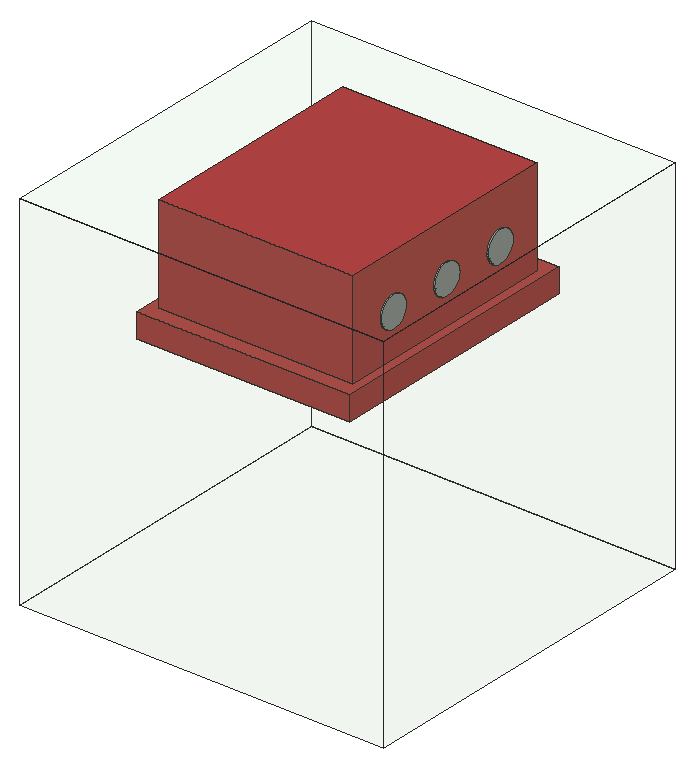
Revit family "ZETA_Коробка_Клемная_ККМА-10_IP54", category Электрические приборы, Revit 2021
Family settings
  Сохранять ориентацию аннотаций = Нет
  Размер круглого соединителя = Использовать диаметр
  Тип детали = Нормальный
  На основе рабочей плоскости = Да
  Всегда вертикально = Нет
  При загрузке вырезать с полостями = Нет
  Общий = Нет
  Точка принадлежности помещению = Да
Parameters (values of type "ККМА-10_IP54")
  УГО_Ширина = 10 mm
  УГО_Смещение_Х [instance] = 0 mm
  УГО_Смещение_Y [instance] = 0 mm
  УГО_Высота = 5 mm
  Температура эксплуатации = "от -40°С до +60°С"
  Сечение жил до = "4мм2"
  Сертификат = "RU C-RU.АД84.В.00192/20"
  Потолочное размещение [instance] = yes
  Default Elevation = 1219.2 mm
  Описание = "Коробки клеммные ККМА с наборными зажимами предназначены для\r\nсоединения и разветвления вторичных и силовых электрических цепей,\r\nвыполняемых контрольными кабелями с числом жил до 52 и силовыми кабелями с\r\nалюминиевыми или медными жилами сечением 1,5—4 мм2, проложенные в\r\nметаллических жестких трубах в трубных системах прокладки кабелей."
  Номинальный ток = "до 25A"
  Напряжение постоянного тока = "440 В"
  Напряжение переменного тока = "660 В"
  Крышка_Ширина = 160 mm
  Крышка_Длина = 190 mm
  Климатическое исполнение = "У2"
  Изготовитель = "АО «ЗЭТА»"  # constant formula
  Изготавливается по = "ТУ 27.33.13.120-047-99856433-2020"
  URL = "https://nzeta.ru/"
  D2 = 32 mm
  D1 = 25 mm
  В_УГО_Смещение_У [instance] = УГО_Смещение_Y + 2000 mm  # 2000 mm
  В_УГО_Смещение_X [instance] = УГО_Смещение_Х + 2000 mm  # 2000 mm
  ADSK_Ток = 0 A
  ADSK_Степень защиты_IP = "IP54"
  ADSK_Размер_Ширина = 175 mm
  ADSK_Размер_УголПоворота [instance] = if(Потолочное размещение, -90.00°, 180.00°)  # -90.00°
  ADSK_Размер_Длина = 215 mm
  ADSK_Размер_Высота = 100 mm
  ADSK_Примечание [instance] = ""
  ADSK_Полная мощность = 0 VA
  ADSK_Позиция [instance] = ""
  ADSK_Обозначение = "KK"
  ADSK_Номинальная мощность = 0 W
  ADSK_Номер стояка = ""
  ADSK_Номер линии = 0
  ADSK_Напряжение = 230 V
  ADSK_Наименование краткое = "ККМА-10"
  ADSK_Наименование = "Коробка клеммная ККМА-10 У2 IP54 ГОФРОМАТИК"
  ADSK_Материал наименование = "Сталь оцинкованная"
  ADSK_Масса_Текст = "1,95"
  ADSK_Масса = 1.95
  ADSK_Марка = "KK ККМА-10 У2 IP54"
  ADSK_Коэффициент мощности = 1
  ADSK_Количество фаз числовое = 1
  ADSK_Количество фаз = 1
  ADSK_Количество = 1
  ADSK_Код изделия = "zeta30372"
  ADSK_Классификация нагрузок = Прочее
  ADSK_Завод-изготовитель = "АО «ЗЭТА»"  # constant formula
  ADSK_Единица измерения = "шт"  # constant formula
  ADSK_Версия семейства = "v.1"  # constant formula
  ADSK_Версия Revit = "2021"
  ADSK_URL страницы изделия = "https://nzeta.ru/catalog/?q=zeta30372"
  ADSK_URL документации изделия = "https://nzeta.ru/upload/uf/079/ikchmqfq9gparj6qku1dhwpc7mintuhj/passport.pdf"
Reference planes
  plane 1 "По центру (Вперед/Назад)": y = 0
  plane 2: z = 0
  plane 3 "По центру (Влево/Вправо)": x = 0
  plane 4: x = -2000
  plane 5: y = -2000
  plane 6: x = 0
  plane 7: y = 0
Lines and regions (mm)
  reference lines
    curve 1: line (0, 0, 0) -> (0, -180, 0)
    curve 2: line (0, 0, 0) -> (0, 0, -140)
Dimensions and locks
  "В_УГО_Смещение_X": plane 4 to plane 6
  "В_УГО_Смещение_У": plane 7 to plane 5
  angle curve 2 to curve 1 = 90.00°
  "ADSK_Размер_УголПоворота": angle plane 1 "По центру (Вперед/Назад)" to curve 1
  aligned and locked: level to plane 2
  aligned and locked: plane 6 to nested 1
  aligned and locked: nested 1 to plane 7
  aligned and locked: plane 2 to curve 2
  aligned and locked: plane 1 "По центру (Вперед/Назад)" to curve 1
  aligned and locked: nested 2 to curve 2
Nested families
  nested 1: "УГО_Клеменная_Коробка_(GenAnn)" at (0, 0, 0), УГО_Высота <- "УГО_Высота", УГО_Длина <- "УГО_Ширина", ADSK_Обозначение <- "ADSK_Обозначение", ADSK_Степень защиты_IP <- "ADSK_Степень защиты_IP", type "УГО_Клеменная_Коробка_(GenAnn)", detail levels coarse+medium
    with УГО_Длина 10 mm, УГО_Высота 5 mm, ADSK_Степень защиты_IP "IP54", ADSK_Обозначение "KK"
  nested 2: "ZETA_Коробка_Клемная_КММА-10_IP54_Геометрия" at (0, 0, 0) x (0, -1, 0) z (0, 0, -1), type "КММА-10", detail levels medium+fine
  nested 3: "Zeta_Зона обслуживания" at (0, 0, 0) x (-1, 0, 0) z (0, -1, 0), type "Зона обслуживания_Куб", detail levels medium+fine
    with Зона обслуживания_Ширина 300 mm, Зона обслуживания_Длина 300 mm, Зона обслуживания_Высота 300 mm
Connectors
  cabletrayconduit at (-81.999, 50, -43.588), diameter 25, driven by "D1"
    settings: on nested 2, index 2, connector width 300 mm, connector height 300 mm, connector angle 0.00°, system type 32, placement type 0, profile type 0, connector reference index -1, is primary connector yes, connector utility param no, connector description ""
  cabletrayconduit at (-81.999, -50, -43.588), diameter 32, driven by "D2"
    settings: on nested 2, index 4, connector width 300 mm, connector height 300 mm, connector angle 0.00°, system type 32, placement type 0, profile type 0, connector reference index -1, is primary connector no, connector utility param no, connector description ""
  electrical at (0, 0, 0), driven by "ADSK_Количество фаз", driven by "ADSK_Классификация нагрузок", driven by "ADSK_Напряжение", driven by "ADSK_Полная мощность", driven by "ADSK_Коэффициент мощности"
    settings: on nested 2, index 5, voltage 230 V, apparent load 0 VA, apparent load phase1 0 VA, apparent load phase2 0 VA, apparent load phase3 0 VA, power factor 1, load classification "Прочее", number of poles 1, system type 30, power factor state 1, is connector primary yes, connector utility no, sub classification motor no, connector description ""
  cabletrayconduit at (81.928, 43.588, 0), diameter 25, driven by "D1"
    settings: on nested 2, index 6, connector width 300 mm, connector height 300 mm, connector angle 0.00°, system type 32, placement type 0, profile type 0, connector reference index -1, is primary connector no, connector utility param no, connector description ""
  cabletrayconduit at (81.928, -55, -43.588), diameter 25, driven by "D1"
    settings: on nested 2, index 7, connector width 300 mm, connector height 300 mm, connector angle 0.00°, system type 32, placement type 0, profile type 0, connector reference index -1, is primary connector no, connector utility param no, connector description ""
  cabletrayconduit at (81.928, 55, -43.588), diameter 25, driven by "D1"
    settings: on nested 2, index 8, connector width 300 mm, connector height 300 mm, connector angle 0.00°, system type 32, placement type 0, profile type 0, connector reference index -1, is primary connector no, connector utility param no, connector description ""
Definition of nested family "ZETA_Коробка_Клемная_КММА-10_IP54_Геометрия"
  Parameters (values of type "КММА-10")
    Привязки_Штуцер = 100 mm
    Default Elevation = 1219.2 mm
    Основание_Ширина = ADSK_Размер_Ширина * 0.9142  # 159.985 mm
    Основание_Длина = ADSK_Размер_Длина * 0.8835  # 189.953 mm
    Manufacturer = ""
    D2 = 32 mm
    D1 = 25 mm
    ADSK_Размер_Ширина = 175 mm
    ADSK_Размер_Длина = 215 mm
    ADSK_Размер_Высота = 100 mm
  Reference planes
    plane 1 "По центру (Вперед/Назад)": y = 0
    plane 2: z = 0
    plane 3 "По центру (Влево/Вправо)": x = 0
    plane 4: x = -94.976
    plane 5: x = 94.976
    plane 6: y = -79.992
    plane 7: y = 79.993
    plane 8: x = -107.5
    plane 9: y = -87.5
    plane 10: x = 107.5
    plane 11: y = 87.5
    plane 12: z = 100
    plane 13: z = 79.822
    plane 14: y = -57.269
    plane 15: y = 57.269
    plane 16: z = 43.588
    plane 17: y = -81.999
    plane 18: y = 81.928
    plane 19: x = -50
    plane 20: x = 50
    plane 21: x = -55
    plane 22: x = 55
  Forms (mm)
    Extrusion 1, solid
      sketch origin (0, 0, 0) x (1, 0, 0) y (0, 1, 0)
        loop
          line (-94.976, 79.993) -> (-94.976, -79.992) -> (94.976, -79.992) -> (94.976, 79.993) -> (-94.976, 79.993)
      from 0 to 79.822
    Extrusion 2, solid
      sketch origin (0, 0, 0) x (1, 0, 0) y (0, 1, 0)
        loop
          line (-107.5, 87.5) -> (-107.5, -87.5) -> (107.5, -87.5) -> (107.5, 87.5) -> (-107.5, 87.5)
      from 100 to 79.822
    Extrusion 3, solid
      sketch origin (0, 0, 0) x (1, 0, 0) y (0, 0, 1)
        loop
          circle (-50, 43.588) r 12.5
      from 79.992 to 81.999
    Extrusion 4, solid
      sketch origin (117, 0, 0) x (1, 0, 0) y (0, 0, 1)
        loop
          circle (-67, 43.588) r 16
      from 81.999 to 79.992
    Extrusion 5, solid
      sketch origin (-94.976, 79.993, 0) x (1, 0, 0) y (0, 0, -1)
        loop
          circle (149.976, -43.588) r 12.5
        loop
          circle (94.976, -43.588) r 12.5
        loop
          circle (39.976, -43.588) r 12.5
      from 0 to 1.935
  Dimensions and locks
    equal spacing: plane 4, plane 3 "По центру (Влево/Вправо)", plane 5
    equal spacing: plane 7, plane 1 "По центру (Вперед/Назад)", plane 6
    "Основание_Ширина": plane 7 to plane 6
    "Основание_Длина": plane 4 to plane 5
    equal spacing: plane 11, plane 1 "По центру (Вперед/Назад)", plane 9
    equal spacing: plane 8, plane 3 "По центру (Влево/Вправо)", plane 10
    "ADSK_Размер_Ширина": plane 11 to plane 9
    "ADSK_Размер_Длина": plane 8 to plane 10
    "ADSK_Размер_Высота": plane 12 to level
    locked: plane 6 to plane 17 at 2.006
    locked: plane 18 to plane 7 at 1.935
    equal spacing: plane 19, plane 3 "По центру (Влево/Вправо)", plane 20
    "Привязки_Штуцер": plane 19 to plane 20
    equal spacing: plane 21, plane 3 "По центру (Влево/Вправо)", plane 22
    "D1": diameter of Extrusion 3 sketch curve
    "D2": diameter of Extrusion 4 sketch curve
    "D1": diameter of Extrusion 5 sketch curve  (x3)
    aligned and locked: level to plane 2
    aligned and locked: Extrusion 1 sketch curve to plane 7
    aligned and locked: plane 4 to Extrusion 1 sketch curve
    aligned and locked: plane 6 to Extrusion 1 sketch curve
    aligned and locked: Extrusion 1 sketch curve to plane 5
    aligned and locked: Extrusion 2 sketch curve to plane 11
    aligned and locked: plane 8 to Extrusion 2 sketch curve
    aligned and locked: plane 9 to Extrusion 2 sketch curve
    aligned and locked: Extrusion 2 sketch curve to plane 10
    aligned and locked: Extrusion 2 to plane 13
    aligned and locked: Extrusion 1 to Extrusion 2
    aligned and locked: plane 16 to Extrusion 3 sketch curve
    aligned and locked: plane 6 to Extrusion 3
    aligned and locked: Extrusion 3 to plane 17
    aligned and locked: Extrusion 4 to Extrusion 1
    aligned and locked: Extrusion 4 to plane 17
    aligned and locked: plane 19 to Extrusion 3 sketch curve
    aligned and locked: plane 20 to Extrusion 4 sketch curve
    aligned and locked: plane 16 to Extrusion 4 sketch curve
    aligned and locked: plane 18 to Extrusion 5
  Automatic sketch dimensions
    Extrusion 5 sketch curve to Extrusion 1 = 39.976 mm  (x2)
    Extrusion 5 sketch curve to Extrusion 5 sketch curve = 55 mm
    Extrusion 1 to Extrusion 5 sketch curve = 36.234 mm  (x3)
Definition of nested family "Zeta_Зона обслуживания"
  Parameters (values of type "Зона обслуживания_Куб")
    Default Elevation = 1219.2 mm
    Зона обслуживания_Ширина [instance] = 300 mm
    Зона обслуживания_Длина [instance] = 300 mm
    Зона обслуживания_Высота [instance] = 300 mm
  Reference planes
    plane 1 "По центру (Вперед/Назад)": y = 0
    plane 2: z = 0
    plane 3 "По центру (Влево/Вправо)": x = 0
    plane 4: x = -150
    plane 5: x = 150
    plane 6: y = 300
    plane 7: z = 150
    plane 8: z = -150
  Forms (mm)
    Extrusion 1, solid
      sketch origin (0, 0, 0) x (1, 0, 0) y (0, 1, 0)
        loop
          line (-150, 300) -> (-150, 0) -> (150, 0) -> (150, 300) -> (-150, 300)
      from -150 to 150
  Dimensions and locks
    equal spacing: plane 4, plane 3 "По центру (Влево/Вправо)", plane 5
    "Зона обслуживания_Ширина": plane 6 to plane 1 "По центру (Вперед/Назад)"
    "Зона обслуживания_Длина": plane 4 to plane 5
    equal spacing: plane 7, level, plane 8
    "Зона обслуживания_Высота": plane 7 to plane 8
    aligned and locked: level to plane 2
    aligned and locked: Extrusion 1 sketch curve to plane 6
    aligned and locked: plane 4 to Extrusion 1 sketch curve
    aligned and locked: Extrusion 1 sketch curve to plane 5
    aligned and locked: Extrusion 1 to plane 8
    aligned and locked: plane 7 to Extrusion 1
    aligned and locked: plane 1 "По центру (Вперед/Назад)" to Extrusion 1
  Automatic sketch dimensions
    plane 1 "По центру (Вперед/Назад)" to Extrusion 1 sketch curve = 0 mm
Definition of nested family "УГО_Клеменная_Коробка_(GenAnn)"
  Parameters (values of type "УГО_Клеменная_Коробка_(GenAnn)")
    УГО_Длина [instance] = 10 mm
    УГО_Высота [instance] = 5 mm
    ADSK_Степень защиты_IP [instance] = ""
    ADSK_Обозначение [instance] = ""
  Reference planes
    plane 1: y = 0
    plane 2: x = 0
  Lines and regions (mm)
    Filled region 1, type "Filled region 1"
      outline origin (0, 0, 0) x (1, 0, 0) y (0, 1, 0)
        loop
          line (-5, 2.5) -> (-5, -2.5) -> (5, -2.5) -> (5, 2.5) -> (-5, 2.5)
    reference lines
      curve 1: line (-5, 2.5, 0) -> (-5, -2.5, 0)
      curve 2: line (-5, -2.5, 0) -> (5, -2.5, 0)
      curve 3: line (5, 2.5, 0) -> (5, -2.5, 0)
      curve 4: line (-5, 2.5, 0) -> (5, 2.5, 0)
  Text (mm)
    label "KK IP 54" at (0.033, -0.03, 0), shows "ADSK_Обозначение", "ADSK_Степень защиты_IP"
  Dimensions and locks
    equal spacing: curve 1, plane 2, curve 3
    equal spacing: curve 2, plane 1, curve 4
    "УГО_Длина": curve 1 to curve 3
    "УГО_Высота": curve 2 to curve 4
    aligned and locked: Filled region 1 sketch curve to curve 4
    aligned and locked: Filled region 1 sketch curve to curve 1
    aligned and locked: Filled region 1 sketch curve to curve 2
    aligned and locked: Filled region 1 sketch curve to curve 3
